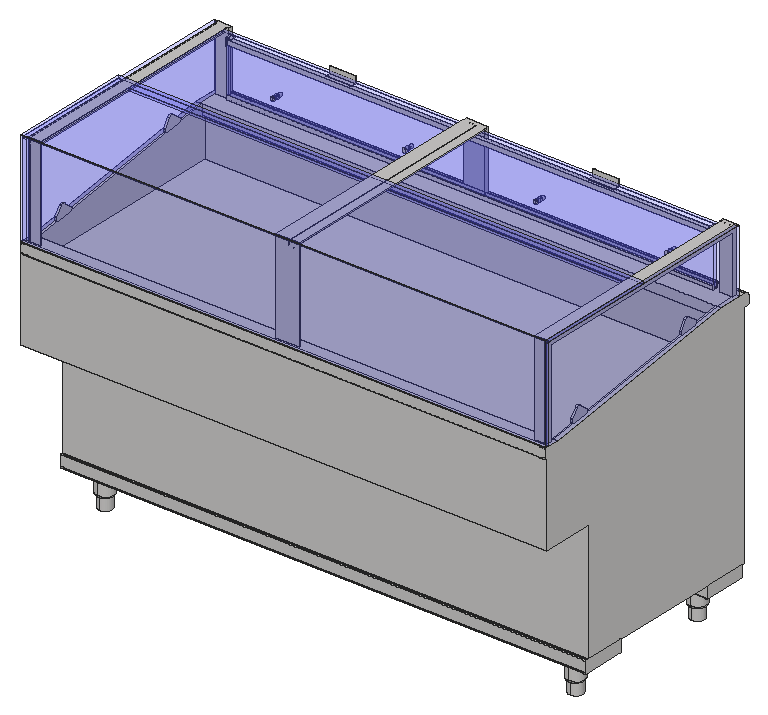
Revit family "Food-Service-Equipment_Oscartek_Rdpc1700_Standard_cat", category Specialty Equipment, Revit 2026
Family settings
  Round Connector Dimension = Use Diameter
  Part Type = Normal
  Classification Number = 23.40.40.11.17
  Work Plane-Based = No
  Enable Cutting in Views = No
  Always vertical = Yes
  Cut with Voids When Loaded = No
  Maintain Annotation Orientation = No
  Shared = No
  Room Calculation Point = No
Parameters
  Width = 67"  # constant formula
  Weight in Pounds = 346
  Watts = 885 W
  Waste Water Discharge Temperature [instance] = -459.67 °F
  Volts = 230 V
  URL Cutsheet = "www.oscartek.com"
  URL = "www.oscartek.com"
  Type Mark [instance] = ""
  Type Comments = "As Specified"
  Test Data = "http://www.oscartek.com/company/clients.php"
  Status [instance] = ""
  Specification by User [instance] = ""
  Specification by Manufacturer = ""
  Specification = "https://www.arcat.com/arcatcos/cos48/arc48760.html"
  Show Clearance [instance] = yes
  Serial Number = ""
  Seismic Rating = ""
  Sales Information = "http://www.oscartek.com/company/contact.php"
  SMACNA No = ""
  Revision Code [instance] = ""
  Revision = "R1_2018-10"
  Refrigerant Type [instance] = "R404A"
  Product Data = "http://www.oscartek.com/support/manuals/"
  Plumbing Remarks [instance] = ""
  Plumbing Connection Type [instance] = ""
  Phase = 1
  Omniclass Number and Title = ""
  Number of Poles [instance] = 1
  NAFEM Spec ID Number = ""
  Model = "RDPC1700"
  Min Ckt Ampacity = 0 A
  Max Overcurrent Protection = 0 A
  Masterspec = ""
  Manufacturer Website = "http://www.oscartek.com/index.php"
  Manufacturer Phone - Toll Free = "855-885-2400"
  Manufacturer Phone = "650-342-2400"
  Manufacturer Fax = "650-342-7400"
  Manufacturer Address = "361 Beach Rd., Burlingame, CA 94010"
  Manufacturer = "OSCARTEK"
  Item Number [instance] = ""
  Installed By [instance] = ""
  Installation-Fabrication = "http://www.oscartek.com/support/manuals/"
  Indirect Waste Size [instance] = 1"
  Indirect Waste Flow [instance] = 0 GPM
  Indirect Waste Connection Type [instance] = ""
  Indirect Waste Connection Height = 0"
  Identify Quantity as Lot [instance] = yes
  HP = ""
  Green Building-LEED = "https://www.arcat.com/green/green_building.shtml"
  Furnished By [instance] = ""
  Foodservice Equipment Identifier [instance] = yes
  FL Amps = 4.5 A
  Electrical Remarks [instance] = ""
  Electric Connection Type [instance] = ""
  Elec Conn RI Height [instance] = 0"
  Elec Conn Connection Height [instance] = 0"
  Drawn By = "Sumex Design, Inc. / Robert S. Weygant, CSI, CDT, SCIP"
  Description = "ROSA DELI/PASTRY/CHOCOLATE SHOWCASE"
  Depth [instance] = 32 1/4"  # constant formula
  Default Elevation = 0"
  Cycle = 50 Hz
  Copyright = "©Arcat Inc."
  Construction Details = "http://www.oscartek.com/support/manuals/"
  Conn Plug = ""
  Conn Conduit = yes
  Category = ""
  CSI MasterFormat = "11 41 13"
  CSI Master Format = "Refrigerated Food Storage Cases"
  Building Codes = "https://www.arcat.com/arcatcos/cos48/arc48760.html"
  Body Finish [instance] = QF_Finishes_Stainless Steel
  Apparent Power = if(Phase = 3, Volts * FL Amps * 1.73, Volts * FL Amps)  # 1035 VA
Reference planes (in)
  plane 1 "BACK": y = 7.29134
  plane 2: z = 0
  plane 3 "LEFT": x = 0
  plane 4 "RIGHT": x = 67
  plane 5 "FRONT": y = -24.95866
  plane 6 "TOP": z = 45.25
  plane 7 "Center Y": x = 33.5
  plane 8 "Center X": y = -8.83366
  plane 9 "Base Height": z = 6
  plane 10 "Right Off": x = 63.5
  plane 11: x = 0.5
  plane 12: x = 66.5
  plane 13 "Left Center": x = 16.75
  plane 14 "Right Center": x = 50.25
Forms (in)
  Revolve 1, solid, material "QF_Finishes_Stainless Steel"
    sketch origin (3.5, 0, 0) x (0, 1, 0) y (0, 0, 1)
      loop
        line (-15.81885, 0) -> (-14.95271, 0) -> (-14.95271, 1.57481) -> (-14.86603, 1.57481)
        arc (-14.86603, 1.57481) -> (-14.76029, 1.61861) -> (-14.71649, 1.72436) r 0.14954
        line (-14.71649, 1.72436) -> (-14.71649, 4.46851) -> (-15.81885, 4.46851) -> (-15.81885, 0)
      axis (-15.81885, 0) -> (-15.81885, 4.46851)
    angle from 0 to 360
  Revolve 2, solid, material "QF_Finishes_Stainless Steel"
    sketch origin (3.5, 19.37004, 0) x (0, 1, 0) y (0, 0, 1)
      loop
        line (-15.81885, 0) -> (-14.95271, 0) -> (-14.95271, 1.57481) -> (-14.86603, 1.57481)
        arc (-14.86603, 1.57481) -> (-14.76029, 1.61861) -> (-14.71649, 1.72436) r 0.14954
        line (-14.71649, 1.72436) -> (-14.71649, 4.46851) -> (-15.81885, 4.46851) -> (-15.81885, 0)
      axis (-15.81885, 0) -> (-15.81885, 4.46851)
    angle from 0 to 360
  Extrusion 3, solid, material "QF_Finishes_Stainless Steel" <- "Body Finish"
    sketch origin (0, 0, 0) x (0, 1, 0) y (0, 0, 1)
      loop
        line (-18.51225, 4.46851) -> (-13.12545, 4.46851)
        arc (-13.12545, 4.46851) -> (-13.08126, 4.48681) -> (-13.06295, 4.53101) r 0.0625
        line (-13.06295, 4.53101) -> (-13.06295, 5.9375)
        arc (-13.06295, 5.9375) -> (-13.08126, 5.98169) -> (-13.12545, 6) r 0.0625
        line (-13.12545, 6) -> (-18.51225, 6)
        arc (-18.51225, 6) -> (-18.55644, 5.98169) -> (-18.57475, 5.9375) r 0.0625
        line (-18.57475, 5.9375) -> (-18.57475, 4.53101)
        arc (-18.57475, 4.53101) -> (-18.55644, 4.48681) -> (-18.51225, 4.46851) r 0.0625
      loop
        line (0.85779, 4.46851) -> (6.24459, 4.46851)
        arc (6.24459, 4.46851) -> (6.28878, 4.48681) -> (6.30709, 4.53101) r 0.0625
        line (6.30709, 4.53101) -> (6.30709, 5.9375)
        arc (6.30709, 5.9375) -> (6.28878, 5.98169) -> (6.24459, 6) r 0.0625
        line (6.24459, 6) -> (0.85779, 6)
        arc (0.85779, 6) -> (0.8136, 5.98169) -> (0.79529, 5.9375) r 0.0625
        line (0.79529, 5.9375) -> (0.79529, 4.53101)
        arc (0.79529, 4.53101) -> (0.8136, 4.48681) -> (0.85779, 4.46851) r 0.0625
    from 0 to 67
  Revolve 4, solid, material "QF_Finishes_Stainless Steel"
    sketch origin (63.5, 0, 0) x (0, 0, -1) y (0, -1, 0)
      loop
        line (0, 15.81885) -> (-4.46851, 15.81885) -> (-4.46851, 14.71649) -> (-1.72436, 14.71649)
        arc (-1.72436, 14.71649) -> (-1.61861, 14.76029) -> (-1.57481, 14.86603) r 0.14954
        line (-1.57481, 14.86603) -> (-1.57481, 14.95271) -> (0, 14.95271) -> (0, 15.81885)
      axis (0, 15.81885) -> (-4.46851, 15.81885)
    angle from 0 to 360
  Revolve 5, solid, material "QF_Finishes_Stainless Steel"
    sketch origin (63.5, 0, 0) x (0, 0, -1) y (0, -1, 0)
      loop
        line (0, -3.55119) -> (-4.46851, -3.55119) -> (-4.46851, -4.65355) -> (-1.72436, -4.65355)
        arc (-1.72436, -4.65355) -> (-1.61861, -4.60975) -> (-1.57481, -4.50401) r 0.14954
        line (-1.57481, -4.50401) -> (-1.57481, -4.41733) -> (0, -4.41733) -> (0, -3.55119)
      axis (0, -3.55119) -> (-4.46851, -3.55119)
    angle from 0 to 360
  Extrusion 6, solid, material "QF_Finishes_Stainless Steel" <- "Body Finish"
    sketch origin (0, 0, 0) x (0, 1, 0) y (0, 0, 1)
      loop
        line (6.90709, 36.74797) -> (3.04134, 36.74797) -> (3.04134, 35.49797) -> (3.54134, 35.49797) -> (3.54134, 30.25) -> (-23.20866, 30.25) -> (-23.20866, 31.75) -> (-22.95866, 31.75) -> (-22.95866, 33) -> (-24.90866, 33)
        arc (-24.90866, 33) -> (-24.94401, 32.98536) -> (-24.95866, 32.95) r 0.05
        line (-24.95866, 32.95) -> (-24.95866, 31.80078)
        arc (-24.95866, 31.80078) -> (-24.94379, 31.76487) -> (-24.90788, 31.75) r 0.05078
        line (-24.90788, 31.75) -> (-24.84055, 31.75) -> (-24.84055, 21.25) -> (-18.18105, 21.25) -> (-18.18105, 6) -> (6.50394, 6) -> (6.50394, 21.25) -> (6.58268, 21.25) -> (6.58268, 35.24797) -> (7.24056, 35.24797)
        arc (7.24056, 35.24797) -> (7.27647, 35.26284) -> (7.29134, 35.29875) r 0.05078
        line (7.29134, 35.29875) -> (7.29134, 36.32422)
        arc (7.29134, 36.32422) -> (7.18097, 36.61023) -> (6.90709, 36.74797) r 0.42578
    from 0.5 to 66.5
  Extrusion 7, solid, material "Glass"
    sketch origin (0, 0, 0) x (0, 1, 0) y (0, 0, 1)
      loop
        line (5.84459, 44.8563) -> (-24.36893, 44.8563)
        arc (-24.36893, 44.8563) -> (-24.48028, 44.81018) -> (-24.52641, 44.69882) r 0.15748
        line (-24.52641, 44.69882) -> (-24.52641, 33) -> (-22.95866, 33) -> (3.04134, 36.74797) -> (6.00207, 36.74797) -> (6.00207, 44.69882)
        arc (6.00207, 44.69882) -> (5.95595, 44.81018) -> (5.84459, 44.8563) r 0.15748
    from 0 to 0.5
  Extrusion 8, solid, material "Glass"
    sketch origin (67, 0, 0) x (0, 1, 0) y (0, 0, 1)
      loop
        line (5.84459, 44.8563) -> (-24.36893, 44.8563)
        arc (-24.36893, 44.8563) -> (-24.48028, 44.81018) -> (-24.52641, 44.69882) r 0.15748
        line (-24.52641, 44.69882) -> (-24.52641, 33) -> (-22.95866, 33) -> (3.04134, 36.74797) -> (6.00207, 36.74797) -> (6.00207, 44.69882)
        arc (6.00207, 44.69882) -> (5.95595, 44.81018) -> (5.84459, 44.8563) r 0.15748
    from -0.5 to 0
  Extrusion 9, solid, material "Glass"
    sketch origin (0, 0, 0) x (0, 1, 0) y (0, 0, 1)
      loop
        line (-9.33366, 45.25) -> (-24.92011, 45.25) -> (-24.92011, 32.99797) -> (-24.52641, 32.99797) -> (-24.52641, 44.8563) -> (-9.33366, 44.8563) -> (-9.33366, 45.25)
    from 0 to 67
  Extrusion 10, solid, material "Glass"
    sketch origin (39.25, 0, 0.0625) x (0, 1, 0) y (0, 0, -1)
      loop
        line (5.50207, -44.53142) -> (5.50207, -44.19263) -> (-9.95866, -44.19263) -> (-9.95866, -44.53142) -> (5.50207, -44.53142)
    from -27.08473 to 38.58473
  Extrusion 11, solid, material "QF_Finishes_Stainless Steel" <- "Body Finish"
    sketch origin (67, 0, 0) x (0, 1, 0) y (0, 0, 1)
      loop
        line (6.90709, 36.74797) -> (3.04134, 36.74797) -> (-22.95866, 33) -> (-24.90866, 33)
        arc (-24.90866, 33) -> (-24.94401, 32.98536) -> (-24.95866, 32.95) r 0.05
        line (-24.95866, 32.95) -> (-24.95866, 31.80078)
        arc (-24.95866, 31.80078) -> (-24.94379, 31.76487) -> (-24.90788, 31.75) r 0.05078
        line (-24.90788, 31.75) -> (-24.84055, 31.75) -> (-24.84055, 21.25) -> (-18.18105, 21.25) -> (-18.18105, 6) -> (6.50394, 6) -> (6.50394, 21.25) -> (6.58268, 21.25) -> (6.58268, 35.24797) -> (7.24056, 35.24797)
        arc (7.24056, 35.24797) -> (7.27647, 35.26284) -> (7.29134, 35.29875) r 0.05078
        line (7.29134, 35.29875) -> (7.29134, 36.32422)
        arc (7.29134, 36.32422) -> (7.18097, 36.61023) -> (6.90709, 36.74797) r 0.42578
    from 0 to -0.75
  Extrusion 12, solid, material "QF_Finishes_Stainless Steel"
    sketch origin (0, 0, 0) x (1, 0, 0) y (0, 1, 0)
      loop
        line (0.5, 6.00207) -> (0.5, 5.50207) -> (2.25, 5.50207) -> (2.25, 6.00207) -> (0.5, 6.00207)
      loop
        line (66.5, 6.00207) -> (64.75, 6.00207) -> (64.75, 5.50207) -> (66.5, 5.50207) -> (66.5, 6.00207)
      loop
        line (32.125, 6.00207) -> (32.125, 5.50207) -> (34.875, 5.50207) -> (34.875, 6.00207) -> (32.125, 6.00207)
    from 36.74797 to 44.8563
  Extrusion 13, solid, material "Glass"
    sketch origin (0, -0.10938, 0) x (1, 0, 0) y (0, 1, 0)
      loop
        line (2.5, 5.50207) -> (2.5, 5.00207) -> (64.5, 5.00207) -> (64.5, 5.50207) -> (2.5, 5.50207)
    from 37.21272 to 43.81693
  Extrusion 14, solid, material "QF_Finishes_Stainless Steel"
    sketch origin (0, 0, 0) x (0, 1, 0) y (0, 0, 1)
      loop
        line (4.8927, 43.81693) -> (5.3927, 43.81693) -> (5.3927, 43.31693) -> (5.4552, 43.31693) -> (5.4552, 43.87943) -> (4.8302, 43.87943) -> (4.8302, 43.31693) -> (4.8927, 43.31693) -> (4.8927, 43.81693)
      loop
        line (4.8927, 37.16315) -> (4.8927, 37.66315) -> (4.8302, 37.66315) -> (4.8302, 37.10065) -> (5.4552, 37.10065) -> (5.4552, 37.66315) -> (5.3927, 37.66315) -> (5.3927, 37.16315) -> (4.8927, 37.16315)
    from 2.5 to 64.5
  Extrusion 15, solid, material "QF_Finishes_Stainless Steel"
    sketch origin (0, -24.95866, 0) x (1, 0, 0) y (0, 0, 1)
      loop
        line (65.4375, 44.1063) -> (66.5, 44.1063) -> (66.5, 44.8563) -> (65, 44.8563) -> (65, 44.7938) -> (66.4375, 44.7938) -> (66.4375, 44.1688) -> (65.4375, 44.1688) -> (65.4375, 44.1063)
      loop
        line (1.5625, 44.1063) -> (1.5625, 44.1688) -> (0.5625, 44.1688) -> (0.5625, 44.7938) -> (2, 44.7938) -> (2, 44.8563) -> (0.5, 44.8563) -> (0.5, 44.1063) -> (1.5625, 44.1063)
      loop
        line (32.75, 44.1063) -> (34.25, 44.1063) -> (34.25, 44.1688) -> (33.57031, 44.1688) -> (33.57031, 44.7313) -> (33.75, 44.7313) -> (33.75, 44.7938) -> (35.00781, 44.7938) -> (35.00781, 44.8563) -> (31.99219, 44.8563) -> (31.99219, 44.7938) -> (33.25, 44.7938) -> (33.25, 44.7313) -> (33.42969, 44.7313) -> (33.42969, 44.1688) -> (32.75, 44.1688) -> (32.75, 44.1063)
    from -30.46073 to -0.78937
  Extrusion 16, solid, material "QF_Finishes_Stainless Steel"
    sketch origin (0, -24.95866, 0) x (1, 0, 0) y (0, 0, 1)
      loop
        line (63.92786, 44.13772) -> (63.92786, 44.07522) -> (64.51042, 44.07522) -> (64.51042, 43.2537) -> (64.57292, 43.2537) -> (64.57292, 44.13772) -> (63.92786, 44.13772)
      loop
        line (3.07214, 44.13772) -> (2.42708, 44.13772) -> (2.42708, 43.2537) -> (2.48958, 43.2537) -> (2.48958, 44.07522) -> (3.07214, 44.07522) -> (3.07214, 44.13772)
    from -30.41386 to -29.78886
  Extrusion 17, solid, material "QF_Finishes_Door Clearance", visible <- "Show Clearance", detail levels coarse
    sketch origin (0, 0, 0) x (0, 1, 0) y (0, 0, 1)
      loop
        line (4.8927, 43.81693) -> (-1.82359, 43.81693)
        arc (-1.82359, 43.81693) -> (0.14357, 39.0678) -> (4.8927, 37.10065) r 6.71628
        line (4.8927, 37.10065) -> (4.8927, 43.81693)
    from 2.5 to 64.5
  Extrusion 18, solid, material "QF_Finishes_Stainless Steel"
    sketch origin (0, 0, 0) x (1, 0, 0) y (0, 1, 0)
      loop
        line (0.5, -24.20866) -> (2, -24.20866) -> (2, -24.16929) -> (0.5625, -24.16929) -> (0.5625, -23.62362) -> (0.5, -23.62362) -> (0.5, -24.20866)
      loop
        line (66.5, -24.20866) -> (66.5, -23.62362) -> (66.4375, -23.62362) -> (66.4375, -24.16929) -> (65, -24.16929) -> (65, -24.20866) -> (66.5, -24.20866)
      loop
        line (31.99219, -24.20866) -> (35.00781, -24.20866) -> (35.00781, -24.16929) -> (31.99219, -24.16929) -> (31.99219, -24.20866)
    from 33 to 44.8563
  Extrusion 19, solid, material "QF_Finishes_Stainless Steel"
    sketch origin (16.75, 0, 0) x (0, 1, 0) y (0, 0, 1)
      loop
        line (4.83, 44.23056) -> (4.83, 44.19038) -> (5.55097, 44.19038) -> (5.55097, 45.05251) -> (5.48847, 45.05251) -> (5.48847, 44.23056) -> (4.83, 44.23056)
    from -1.625 to 1.625
  Revolve 20, solid, material "QF_Finishes_Stainless Steel"
    sketch origin (25.125, 0, 0.75) x (0, 1, 0) y (0, 0, 1)
      loop
        line (4.82255, 38.49797) -> (4.82255, 38.24797) -> (4.8927, 38.24797) -> (4.8927, 38.49797) -> (4.82255, 38.49797)
      loop
        line (5.3927, 38.49797) -> (5.3927, 38.24797) -> (5.46285, 38.24797) -> (5.46285, 38.34575) -> (5.74111, 38.44703)
        arc (5.74111, 38.44703) -> (5.95993, 38.29989) -> (6.13398, 38.49797) r 0.19974
        line (6.13398, 38.49797) -> (5.3927, 38.49797)
      axis (4.82255, 38.49797) -> (6.13398, 38.49797)
    angle from 0 to 360
  Revolve 21, solid, material "QF_Finishes_Stainless Steel"
    sketch origin (41.875, 0, 0.75) x (0, 1, 0) y (0, 0, -1)
      loop
        line (4.82255, -38.49797) -> (4.8927, -38.49797) -> (4.8927, -38.24797) -> (4.82255, -38.24797) -> (4.82255, -38.49797)
      loop
        line (5.3927, -38.49797) -> (6.13398, -38.49797)
        arc (6.13398, -38.49797) -> (5.95993, -38.29989) -> (5.74111, -38.44703) r 0.19974
        line (5.74111, -38.44703) -> (5.46285, -38.34575) -> (5.46285, -38.24797) -> (5.3927, -38.24797) -> (5.3927, -38.49797)
      axis (4.82255, -38.49797) -> (6.13398, -38.49797)
    angle from 0 to 360
  Extrusion 22, solid, material "QF_Finishes_Stainless Steel"
    sketch origin (0, 0, 0) x (0, 1, 0) y (0, 0, 1)
      loop
        line (-19.73734, 33.46436) -> (-18.02583, 33.71108)
        arc (-18.02583, 33.71108) -> (-17.79557, 33.87166) -> (-17.7871, 34.15225) r 0.3125
        line (-17.7871, 34.15225) -> (-18.75756, 34.98985)
        arc (-18.75756, 34.98985) -> (-19.04365, 35.07894) -> (-19.30393, 34.93046) r 0.37574
        line (-19.30393, 34.93046) -> (-20.05317, 33.92884)
        arc (-20.05317, 33.92884) -> (-20.04034, 33.59795) -> (-19.73734, 33.46436) r 0.31249
      loop
        arc (-0.67039, 36.21291) -> (-0.41746, 36.42664) -> (-0.49861, 36.74768) r 0.31249
        line (-0.49861, 36.74768) -> (-1.50023, 37.49691)
        arc (-1.50023, 37.49691) -> (-1.79185, 37.56583) -> (-2.04114, 37.39956) r 0.37574
        line (-2.04114, 37.39956) -> (-2.73552, 36.32198)
        arc (-2.73552, 36.32198) -> (-2.64814, 36.0552) -> (-2.38191, 35.96619) r 0.3125
        line (-2.38191, 35.96619) -> (-0.67039, 36.21291)
    from 0.5 to 0.76122
  Extrusion 23, solid, material "QF_Finishes_Stainless Steel"
    sketch origin (67, 0, 0) x (0, 1, 0) y (0, 0, 1)
      loop
        line (-19.73734, 33.46436) -> (-18.02583, 33.71108)
        arc (-18.02583, 33.71108) -> (-17.79557, 33.87166) -> (-17.7871, 34.15225) r 0.3125
        line (-17.7871, 34.15225) -> (-18.75756, 34.98985)
        arc (-18.75756, 34.98985) -> (-19.04365, 35.07894) -> (-19.30393, 34.93046) r 0.37574
        line (-19.30393, 34.93046) -> (-20.05317, 33.92884)
        arc (-20.05317, 33.92884) -> (-20.04034, 33.59795) -> (-19.73734, 33.46436) r 0.31249
      loop
        arc (-0.67039, 36.21291) -> (-0.41746, 36.42664) -> (-0.49861, 36.74768) r 0.31249
        line (-0.49861, 36.74768) -> (-1.50023, 37.49691)
        arc (-1.50023, 37.49691) -> (-1.79185, 37.56583) -> (-2.04114, 37.39956) r 0.37574
        line (-2.04114, 37.39956) -> (-2.73552, 36.32198)
        arc (-2.73552, 36.32198) -> (-2.64814, 36.0552) -> (-2.38191, 35.96619) r 0.3125
        line (-2.38191, 35.96619) -> (-0.67039, 36.21291)
    from -0.5 to -0.75
  Extrusion 24, solid, material "QF_Finishes_Stainless Steel" <- "Body Finish"
    sketch origin (0, 0, 0) x (0, 1, 0) y (0, 0, -1)
      loop
        arc (6.90709, -36.74797) -> (7.18097, -36.61023) -> (7.29134, -36.32422) r 0.42578
        line (7.29134, -36.32422) -> (7.29134, -35.29875)
        arc (7.29134, -35.29875) -> (7.27647, -35.26284) -> (7.24056, -35.24797) r 0.05078
        line (7.24056, -35.24797) -> (6.58268, -35.24797) -> (6.58268, -21.25) -> (6.50394, -21.25) -> (6.50394, -6) -> (-18.18105, -6) -> (-18.18105, -21.25) -> (-24.84055, -21.25) -> (-24.84055, -31.75) -> (-24.90788, -31.75)
        arc (-24.90788, -31.75) -> (-24.94379, -31.76487) -> (-24.95866, -31.80078) r 0.05078
        line (-24.95866, -31.80078) -> (-24.95866, -32.95)
        arc (-24.95866, -32.95) -> (-24.94401, -32.98536) -> (-24.90866, -33) r 0.05
        line (-24.90866, -33) -> (-22.95866, -33) -> (3.04134, -36.74797) -> (6.90709, -36.74797)
    from 0 to -0.76122
  Extrusion 25, solid, material "QF_Finishes_Stainless Steel"
    sketch origin (16.25, 0, 0) x (1, 0, 0) y (0, 1, 0)
      loop
        circle (24.65027, -8.83366) r 0.25
    from 5.39549 to 6
  Extrusion 26, solid, material "QF_Finishes_Stainless Steel"
    sketch origin (1.18012, 6.22884, 1.7805) x (0, 0, 1) y (1, 0, 0)
      loop
        line (18.79407, 59.85524) -> (17.29407, 59.85524) -> (17.29407, 53.35524) -> (18.79407, 53.35524) -> (18.79407, 59.85524)
    from 0.2751 to 1
  Extrusion 27, solid, material "QF_Finishes_Black"
    sketch origin (1.18012, 6.50394, 6.1555) x (0, 0, 1) y (1, 0, 0)
      loop
        line (11.19901, 62.31988) -> (0.44901, 62.31988) -> (0.44901, 60.31988) -> (11.19901, 60.31988) -> (11.19901, 62.31988)
      loop
        line (11.19901, 59.81988) -> (0.44901, 59.81988) -> (0.44901, 57.81988) -> (11.19901, 57.81988) -> (11.19901, 59.81988)
      loop
        line (11.19901, 57.31988) -> (0.44901, 57.31988) -> (0.44901, 55.31988) -> (11.19901, 55.31988) -> (11.19901, 57.31988)
      loop
        line (0.44901, 54.81988) -> (0.44901, 52.81988) -> (9.19901, 52.81988) -> (11.19901, 54.81988) -> (0.44901, 54.81988)
      loop
        line (0.44901, 52.31988) -> (0.44901, 50.31988) -> (6.69901, 50.31988) -> (8.69901, 52.31988) -> (0.44901, 52.31988)
    from 0 to 0.0625
  Extrusion 28, void
    sketch origin (1.5, 0, 0) x (0, -1, 0) y (0, 0, -1)
      loop
        line (-6.54134, -34.74797) -> (-6.54134, -21.25) -> (-15.58268, -21.25) -> (-15.58268, -34.74797) -> (-6.54134, -34.74797)
    from -0.73878 to 64.75
  Extrusion 29, solid, material "QF_Finishes_Stainless Steel", not visible
    sketch origin (1.5, 0, 0) x (0, -1, 0) y (0, 0, -1)
      loop
        line (2.45866, -35.24797) -> (2.45866, -21.25) -> (-6.58268, -21.25) -> (-6.58268, -22) -> (1.70866, -22) -> (1.70866, -27.5) -> (-6.58268, -28.5) -> (-6.58268, -29.25544) -> (1.70866, -28.25544) -> (1.70866, -34.74797) -> (-6.58268, -34.74797) -> (-6.58268, -35.24797) -> (2.45866, -35.24797)
    from -0.73878 to 64.75
  Extrusion 30, solid, material "QF_Finishes_Stainless Steel"
    sketch origin (50.25, 0, 0) x (0, 1, 0) y (0, 0, -1)
      loop
        line (4.83, -44.23056) -> (5.48847, -44.23056) -> (5.48847, -45.05251) -> (5.55097, -45.05251) -> (5.55097, -44.19038) -> (4.83, -44.19038) -> (4.83, -44.23056)
    from -1.625 to 1.625
  Revolve 31, solid, material "QF_Finishes_Stainless Steel"
    sketch origin (8.375, 0, 0.75) x (0, 1, 0) y (0, 0, -1)
      loop
        line (4.82255, -38.49797) -> (4.8927, -38.49797) -> (4.8927, -38.24797) -> (4.82255, -38.24797) -> (4.82255, -38.49797)
      loop
        line (5.3927, -38.49797) -> (6.13398, -38.49797)
        arc (6.13398, -38.49797) -> (5.95993, -38.29989) -> (5.74111, -38.44703) r 0.19974
        line (5.74111, -38.44703) -> (5.46285, -38.34575) -> (5.46285, -38.24797) -> (5.3927, -38.24797) -> (5.3927, -38.49797)
      axis (4.82255, -38.49797) -> (6.13398, -38.49797)
    angle from 0 to 360
  Revolve 32, solid, material "QF_Finishes_Stainless Steel"
    sketch origin (58.625, 0, 0.75) x (0, 1, 0) y (0, 0, 1)
      loop
        line (4.82255, 38.49797) -> (4.82255, 38.24797) -> (4.8927, 38.24797) -> (4.8927, 38.49797) -> (4.82255, 38.49797)
      loop
        line (5.3927, 38.49797) -> (5.3927, 38.24797) -> (5.46285, 38.24797) -> (5.46285, 38.34575) -> (5.74111, 38.44703)
        arc (5.74111, 38.44703) -> (5.95993, 38.29989) -> (6.13398, 38.49797) r 0.19974
        line (6.13398, 38.49797) -> (5.3927, 38.49797)
      axis (4.82255, 38.49797) -> (6.13398, 38.49797)
    angle from 0 to 360
  Extrusion 33, solid, material "QF_Finishes_Stainless Steel"
    sketch origin (0, 0, 0) x (1, 0, 0) y (0, 1, 0)
      loop
        circle (61.875, -2.70866) r 0.5
      loop
        circle (3.25, -2.70866) r 0.5
    from 21.25 to 22
  Extrusion 34, solid, material "QF_Finishes_Door Clearance", visible <- "Show Clearance", detail levels coarse
    sketch origin (0, 0, 0) x (0, 1, 0) y (0, 0, 1)
      loop
        line (-24.92011, 45.25) -> (-9.33366, 45.25) -> (-9.33366, 60.83645)
        arc (-9.33366, 60.83645) -> (-20.35494, 56.27128) -> (-24.92011, 45.25) r 15.58645
    from 0 to 67
Cuts and joins
  joined: Extrusion 12, Extrusion 15, Extrusion 18
  Extrusion 28 cuts Extrusion 6
  joined: Extrusion 6, Extrusion 11, Extrusion 24
Lines and regions (in)
  Split face 1
    outline origin (1.18012, 7.22884, 1.7805) x (0, 0, 1) y (1, 0, 0)
      loop
        line (18.5658, 59.55584) -> (17.5658, 59.55584) -> (17.5658, 53.80584) -> (18.5658, 53.80584) -> (18.5658, 59.55584)
  symbolic lines
    curve 1: line (0, -24.95866, 0) -> (0, 7.29134, 0)
    curve 2: line (67, -24.95866, 0) -> (0, -24.95866, 0)
    curve 3: line (0.5, -24.52641, 0) -> (0.5, 6.55709, 0)
    curve 4: line (66.5, 6.00207, 0) -> (64.75, 6.00207, 0)
    curve 5: line (67, 5.50207, 0) -> (0, 5.50207, 0)
    curve 6: line (1.64264, -22.95866, 0) -> (1.64264, 5.50207, 0)
    curve 7: line (2.25, 5.50207, 0) -> (2.25, 6.00207, 0)
    curve 8: line (0.66527, 5.50207, 0) -> (0.66527, -9.95866, 0)
    curve 9: line (67, -9.20866, 0) -> (0, -9.20866, 0)
    curve 10: line (0.5, -24.20866, 0) -> (1.5625, -24.20866, 0)
    curve 11: line (1.5625, -24.20866, 0) -> (1.5625, 6.00207, 0)
    curve 12: line (67, 6.55709, 0) -> (66.5, 6.55709, 0)
    curve 13: line (0, -24.92011, 0) -> (67, -24.90788, 0)
    curve 14: line (67, -24.52641, 0) -> (0, -24.52641, 0)
    curve 15: line (67, -24.95866, 0) -> (67, 7.29134, 0)
    curve 16: line (66.5, -24.52641, 0) -> (66.5, 6.55709, 0)
    curve 17: line (65.35736, -22.95866, 0) -> (65.35736, 5.50207, 0)
    curve 18: line (64.75, 5.50207, 0) -> (64.75, 6.00207, 0)
    curve 19: line (66.33473, 5.50207, 0) -> (66.33473, -9.95866, 0)
    curve 20: line (66.5, -24.20866, 0) -> (65.4375, -24.20866, 0)
    curve 21: line (65.4375, -24.20866, 0) -> (65.4375, 6.00207, 0)
    curve 22: line (2.25, 6.00207, 0) -> (0.5, 6.00207, 0)
    curve 23: line (0.5, 6.55709, 0) -> (0, 6.55709, 0)
    curve 24: line (67, 7.29134, 0) -> (0, 7.29134, 0)
    curve 25: line (66.33473, -9.95866, 0) -> (0.66527, -9.95866, 0)
    curve 26: line (0, -22.95866, 0) -> (67, -22.95866, 0)
    curve 27: line (48.625, 5.55097, 0) -> (51.875, 5.55097, 0)
    curve 28: line (51.875, 5.55097, 0) -> (51.875, 4.89472, 0)
    curve 29: line (51.625, 4.64472, 0) -> (48.875, 4.64472, 0)
    curve 30: line (48.625, 4.89472, 0) -> (48.625, 5.55097, 0)
    curve 31: arc (48.875, 4.64472, 0) -> (48.69822, 4.71795, 0) -> (48.625, 4.89472, 0) r 0.25
    curve 32: arc (51.875, 4.89472, 0) -> (51.80178, 4.71795, 0) -> (51.625, 4.64472, 0) r 0.25
    curve 42: line (35.00781, -24.20866, 0) -> (35.00781, 5.50207, 0)
    curve 43: line (31.99219, 5.50207, 0) -> (31.99219, -24.20866, 0)
    curve 44: line (31.99219, -24.20866, 0) -> (35.00781, -24.20866, 0)
    curve 60: line (15.125, 5.55097, 0) -> (18.375, 5.55097, 0)
    curve 61: line (18.375, 5.55097, 0) -> (18.375, 4.89472, 0)
    curve 62: line (18.125, 4.64472, 0) -> (15.375, 4.64472, 0)
    curve 63: line (15.125, 4.89472, 0) -> (15.125, 5.55097, 0)
    curve 64: arc (15.375, 4.64472, 0) -> (15.19822, 4.71795, 0) -> (15.125, 4.89472, 0) r 0.25
    curve 65: arc (18.375, 4.89472, 0) -> (18.30178, 4.71795, 0) -> (18.125, 4.64472, 0) r 0.25
  symbolic lines, style "QF-Surface Details"
    curve 33: line (7.92189, -17.61771, 0) -> (11.10387, -14.43573, 0)
    curve 34: line (7.59142, -19.05839, 0) -> (12.54117, -14.10865, 0)
    curve 35: line (9.1841, -18.87993, 0) -> (12.54286, -15.52117, 0)
    curve 36: line (57.29475, -17.61771, 0) -> (60.47673, -14.43573, 0)
    curve 37: line (56.96428, -19.05839, 0) -> (61.91403, -14.10865, 0)
    curve 38: line (58.55696, -18.87993, 0) -> (61.91572, -15.52117, 0)
    curve 39: line (25.60559, -17.61771, 0) -> (28.78757, -14.43573, 0)
    curve 40: line (25.27513, -19.05839, 0) -> (30.22487, -14.10865, 0)
    curve 41: line (26.86781, -18.87993, 0) -> (30.22656, -15.52117, 0)
    curve 45: line (36.85559, -17.61771, 0) -> (40.03757, -14.43573, 0)
    curve 46: line (36.52513, -19.05839, 0) -> (41.47487, -14.10865, 0)
    curve 47: line (38.11781, -18.87993, 0) -> (41.47656, -15.52117, 0)
    curve 48: line (7.92189, -3.67124, 0) -> (11.10387, -0.48926, 0)
    curve 49: line (7.59142, -5.11192, 0) -> (12.54117, -0.16217, 0)
    curve 50: line (9.1841, -4.93345, 0) -> (12.54286, -1.5747, 0)
    curve 51: line (57.29475, -3.67124, 0) -> (60.47673, -0.48926, 0)
    curve 52: line (56.96428, -5.11192, 0) -> (61.91403, -0.16217, 0)
    curve 53: line (58.55696, -4.93345, 0) -> (61.91572, -1.5747, 0)
    curve 54: line (25.60559, -3.67124, 0) -> (28.78757, -0.48926, 0)
    curve 55: line (25.27513, -5.11192, 0) -> (30.22487, -0.16217, 0)
    curve 56: line (26.86781, -4.93345, 0) -> (30.22656, -1.5747, 0)
    curve 57: line (36.85559, -3.67124, 0) -> (40.03757, -0.48926, 0)
    curve 58: line (36.52513, -5.11192, 0) -> (41.47487, -0.16217, 0)
    curve 59: line (38.11781, -4.93345, 0) -> (41.47656, -1.5747, 0)
  symbolic lines, not visible
    curve 66: line (15.125, 5.55097, 0) -> (18.375, 5.55097, 0)
    curve 67: line (18.375, 5.55097, 0) -> (18.375, 4.89472, 0)
    curve 68: line (18.125, 4.64472, 0) -> (15.375, 4.64472, 0)
    curve 69: line (15.125, 4.89472, 0) -> (15.125, 5.55097, 0)
    curve 70: arc (15.375, 4.64472, 0) -> (15.19822, 4.71795, 0) -> (15.125, 4.89472, 0) r 0.25
    curve 71: arc (18.375, 4.89472, 0) -> (18.30178, 4.71795, 0) -> (18.125, 4.64472, 0) r 0.25
Dimensions and locks (in)
  equal spacing: plane 3 "LEFT", plane 7 "Center Y", plane 4 "RIGHT"
  "Width": plane 3 "LEFT" to plane 4 "RIGHT"
  equal spacing: plane 5 "FRONT", plane 8 "Center X", plane 1 "BACK"
  "Depth": plane 5 "FRONT" to plane 1 "BACK"
  plane 6 "TOP" to level = 45 1/4"
  plane 9 "Base Height" to level = 6"
  locked: plane 10 "Right Off" to plane 4 "RIGHT" at 3.5
  locked: plane 12 to plane 4 "RIGHT" at 0.5
  locked: plane 3 "LEFT" to plane 11 at 0.5
  locked: plane 3 "LEFT" to Extrusion 13 sketch curve at 2.5
  locked: Extrusion 13 sketch curve to plane 4 "RIGHT" at 2.5
  locked: plane 4 "RIGHT" to Extrusion 10 at 0.66527
  Extrusion 27 sketch curve to Extrusion 27 sketch curve to Extrusion 27 sketch curve to Extrusion 27 sketch curve to Extrusion 27 sketch curve to Extrusion 27 sketch curve to Extrusion 27 sketch curve to Extrusion 27 sketch curve to Extrusion 27 sketch curve to Extrusion 27 sketch curve = 2" locked, 1/2" locked, 2" locked, 1/2" locked, 2" locked, 1/2" locked, 2" locked, 1/2" locked, 2" locked
  locked: Extrusion 26 sketch curve to Extrusion 26 sketch curve at 6.5
  plane 5 "FRONT" to Extrusion 10 sketch curve to Extrusion 10 sketch curve = 15" locked, 15.46073" locked
  plane 5 "FRONT" to Extrusion 17 sketch curve to Extrusion 17 sketch curve = 23.13507" locked, 6.71628" locked
  plane 5 "FRONT" to Extrusion 13 sketch curve to Extrusion 13 sketch curve = 29.85136" locked, 1/2" locked
  plane 5 "FRONT" to Extrusion 14 sketch curve to Extrusion 14 sketch curve to Extrusion 14 sketch curve to Extrusion 14 sketch curve = 29.78886" locked, 1/16" locked, 1/2" locked, 1/16" locked
  plane 5 "FRONT" to Extrusion 23 sketch curve to Extrusion 23 sketch curve to Extrusion 23 sketch curve to Extrusion 23 sketch curve to Extrusion 23 sketch curve to Extrusion 23 sketch curve = 5.17674" locked, 0.77887" locked, 0.93264" locked, 15.64392" locked, 0.7012" locked, 1.01031" locked
  plane 5 "FRONT" to Extrusion 11 sketch curve to Extrusion 11 sketch curve = 2" locked, 26" locked
  plane 5 "FRONT" to Extrusion 24 sketch curve to Extrusion 24 sketch curve = 2" locked, 26" locked
  plane 5 "FRONT" to Extrusion 22 sketch curve to Extrusion 22 sketch curve to Extrusion 22 sketch curve to Extrusion 22 sketch curve to Extrusion 22 sketch curve to Extrusion 22 sketch curve = 5.17674" locked, 0.77887" locked, 0.93264" locked, 15.64392" locked, 0.7012" locked, 1.01031" locked
  plane 5 "FRONT" to Extrusion 8 sketch curve to Extrusion 8 sketch curve to Extrusion 8 sketch curve to Extrusion 8 sketch curve = 0.43225" locked, 1.56775" locked, 26" locked, 2.96073" locked
  plane 5 "FRONT" to Extrusion 7 sketch curve to Extrusion 7 sketch curve to Extrusion 7 sketch curve to Extrusion 7 sketch curve = 0.43225" locked, 1.56775" locked, 26" locked, 2.96073" locked
  plane 5 "FRONT" to Extrusion 6 sketch curve to Extrusion 6 sketch curve = 28" locked, 1/2" locked
  plane 5 "FRONT" to Extrusion 19 sketch curve to Extrusion 19 sketch curve to Extrusion 19 sketch curve = 29.78866" locked, 0.65847" locked, 1/16" locked
  plane 5 "FRONT" to Revolve 21 sketch curve to Revolve 21 sketch curve to Revolve 21 sketch curve to Revolve 21 sketch curve to Revolve 21 sketch curve to Revolve 21 sketch curve = 29.78121" locked, 0.07015" locked, 1/2" locked, 0.07015" locked, 0.27826" locked, 0.19313" locked
  plane 5 "FRONT" to Extrusion 12 sketch curve to Extrusion 12 sketch curve = 30.46073" locked, 1/2" locked
  plane 5 "FRONT" to Revolve 20 sketch curve to Revolve 20 sketch curve to Revolve 20 sketch curve to Revolve 20 sketch curve to Revolve 20 sketch curve to Revolve 20 sketch curve = 29.78121" locked, 0.07015" locked, 1/2" locked, 0.07015" locked, 0.27826" locked, 0.19313" locked
  locked: Extrusion 11 sketch curve to plane 1 "BACK" at 25.47239
  locked: Extrusion 6 sketch curve to plane 1 "BACK" at 25.47239
  locked: Extrusion 24 sketch curve to plane 1 "BACK" at 25.47239
  Extrusion 3 sketch curve to Extrusion 3 sketch curve to Extrusion 3 sketch curve to Extrusion 3 sketch curve to plane 1 "BACK" = 5.5118" locked, 13.85824" locked, 5.5118" locked, 0.98425" locked
  Revolve 5 sketch curve to Revolve 5 sketch curve to plane 1 "BACK" = 1.10236" locked, 2.63779" locked
  Revolve 2 sketch curve to Revolve 2 sketch curve to plane 1 "BACK" = 1.10236" locked, 2.63779" locked
  Revolve 4 sketch curve to Revolve 4 sketch curve to plane 1 "BACK" = 1.10236" locked, 22 1/128" locked
  Revolve 1 sketch curve to Revolve 1 sketch curve to plane 1 "BACK" = 1.10236" locked, 22 1/128" locked
  plane 5 "FRONT" to Extrusion 28 sketch curve to Extrusion 28 sketch curve = 31 1/2" locked, 9.04134" locked
  Extrusion 29 sketch curve to Extrusion 29 sketch curve to Extrusion 29 sketch curve to plane 1 "BACK" = 3/4" locked, 8.29134" locked, 0.70866" locked
  locked: plane 5 "FRONT" to Extrusion 9 sketch curve at 15.625
  Extrusion 19 to Extrusion 10 to curve 29 = 0.0489" locked, 0.85735" locked
  curve 9 to curve 25 to curve 26 to curve 14 to plane 5 "FRONT" = 3/4" locked, 13" locked, 1.56775" locked, 0.43225" locked
  Extrusion 15 sketch curve to Extrusion 15 sketch curve to Extrusion 15 sketch curve to Extrusion 15 sketch curve to Extrusion 15 sketch curve to Extrusion 15 sketch curve to Extrusion 15 sketch curve to Extrusion 15 sketch curve = 97/128" locked, 1/2" locked, 23/128" locked, 9/64", 23/128" locked, 1/2" locked, 97/128" locked
  plane 5 "FRONT" to Extrusion 30 sketch curve to Extrusion 30 sketch curve to Extrusion 30 sketch curve = 29.78866" locked, 0.65847" locked, 1/16" locked
  plane 5 "FRONT" to Revolve 31 sketch curve to Revolve 31 sketch curve to Revolve 31 sketch curve to Revolve 31 sketch curve to Revolve 31 sketch curve to Revolve 31 sketch curve = 29.78121" locked, 0.07015" locked, 1/2" locked, 0.07015" locked, 0.27826" locked, 0.19313" locked
  plane 5 "FRONT" to Revolve 32 sketch curve to Revolve 32 sketch curve to Revolve 32 sketch curve to Revolve 32 sketch curve to Revolve 32 sketch curve to Revolve 32 sketch curve = 29.78121" locked, 0.07015" locked, 1/2" locked, 0.07015" locked, 0.27826" locked, 0.19313" locked
  equal spacing: plane 4 "RIGHT", Revolve 32, plane 14 "Right Center", Revolve 21, plane 7 "Center Y"
  equal spacing: plane 7 "Center Y", Revolve 20, plane 13 "Left Center", Revolve 31, plane 3 "LEFT"
  equal spacing: plane 4 "RIGHT", plane 14 "Right Center", plane 7 "Center Y"
  equal spacing: plane 7 "Center Y", plane 13 "Left Center", plane 3 "LEFT"
  locked: plane 4 "RIGHT" to cut or joined group of Extrusion 6, Extrusion 11, Extrusion 24, Extrusion 28 at 0.75
  locked: plane 5 "FRONT" to Extrusion 33 sketch curve at 22.25  (x2)
  locked: plane 5 "FRONT" to Extrusion 34 sketch curve at 15.625
  locked: curve 62 to plane 5 "FRONT" at 29.60338
  aligned and locked: level to plane 2
  aligned: plane 4 "RIGHT" to Extrusion 6
  aligned and locked: plane 4 "RIGHT" to Extrusion 3
  aligned and locked: Extrusion 6 to plane 11
  aligned and locked: plane 12 to Extrusion 6
  aligned and locked: plane 11 to Extrusion 7
  aligned and locked: Extrusion 8 to plane 12
  aligned: Extrusion 9 to plane 11
  aligned: plane 12 to Extrusion 10
  aligned: plane 12 to Extrusion 9
  aligned: Extrusion 10 to plane 11
  aligned and locked: plane 4 "RIGHT" to Extrusion 9
  aligned and locked: Extrusion 9 to plane 3 "LEFT"
  aligned and locked: Extrusion 14 to Extrusion 13  (x2)
  aligned and locked: Extrusion 13 to Extrusion 17
  aligned and locked: Extrusion 17 to Extrusion 13
  aligned and locked: Extrusion 14 sketch curve to Extrusion 14 sketch curve  (x4)
  aligned and locked: Extrusion 12 sketch curve to Extrusion 12 sketch curve  (x4)
  aligned and locked: Extrusion 29 sketch curve to Extrusion 29 sketch curve  (x3)
  aligned and locked: Extrusion 29 to cut or joined group of Extrusion 6, Extrusion 11, Extrusion 24, Extrusion 28
  aligned and locked: curve 5 to Extrusion 10
  aligned and locked: plane 4 "RIGHT" to Extrusion 34
Automatic sketch dimensions
  curve 1 to plane 3 "LEFT" = 0"
  curve 10 to plane 11 = 0"
  curve 12 to plane 12 = 0"
  plane 1 "BACK" to curve 15 = 0"
  curve 15 to plane 4 "RIGHT" = 0"
  plane 5 "FRONT" to curve 15 = 0"
  plane 11 to curve 8 = 0.16527"
  curve 8 to curve 11 = 0.89723"
  curve 11 to curve 6 = 0.08014"
  curve 11 to curve 7 = 11/16"
  plane 11 to curve 34 = 7.09142"
  plane 11 to curve 49 = 7.09142"
  curve 49 to curve 48 = 0.33047"
  curve 34 to curve 33 = 0.33047"
  curve 49 to curve 50 = 1.59268"
  curve 34 to curve 35 = 1.59268"
  curve 33 to curve 33 = 3.18198"
  curve 48 to curve 48 = 3.18198"
  curve 48 to curve 49 = 1.4373"
  curve 33 to curve 34 = 1.4373"
  curve 49 to curve 50 = 0.00169"
  curve 34 to curve 35 = 0.00169"
  plane 8 "Center X" to curve 55 = 3.72174"
  curve 55 to plane 7 "Center Y" = 8.22487"
  curve 40 to plane 7 "Center Y" = 8.22487"
  curve 55 to curve 54 = 0.33047"
  curve 40 to curve 39 = 0.33047"
  curve 40 to curve 41 = 1.59268"
  curve 55 to curve 56 = 1.59268"
  curve 54 to curve 54 = 3.18198"
  curve 39 to curve 39 = 3.18198"
  curve 39 to curve 40 = 1.4373"
  curve 54 to curve 55 = 1.4373"
  curve 40 to curve 41 = 0.00169"
  curve 55 to curve 56 = 0.00169"
  curve 44 to plane 5 "FRONT" = 3/4"
  curve 44 to plane 7 "Center Y" = 1 65/128"
  plane 7 "Center Y" to curve 44 = 1 65/128"
  plane 7 "Center Y" to curve 58 = 3.02513"
  plane 7 "Center Y" to curve 46 = 3.02513"
  curve 46 to curve 45 = 0.33047"
  curve 58 to curve 57 = 0.33047"
  curve 58 to curve 59 = 1.59268"
  curve 46 to curve 47 = 1.59268"
  curve 57 to curve 57 = 3.18198"
  curve 45 to curve 45 = 3.18198"
  curve 45 to curve 46 = 1.4373"
  curve 57 to curve 58 = 1.4373"
  curve 58 to curve 59 = 0.00169"
  curve 46 to curve 47 = 0.00169"
  plane 14 "Right Center" to curve 27 = 1 5/8"
  curve 30 to curve 31 = 1/4"
  curve 29 to plane 14 "Right Center" = 1 3/8"
  curve 32 to curve 28 = 1/4"
  plane 10 "Right Off" to curve 52 = 6.53572"
  plane 10 "Right Off" to curve 37 = 6.53572"
  curve 37 to curve 36 = 0.33047"
  curve 52 to curve 51 = 0.33047"
  curve 37 to curve 38 = 1.59268"
  curve 52 to curve 53 = 1.59268"
  plane 10 "Right Off" to curve 51 = 3.02327"
  plane 10 "Right Off" to curve 36 = 3.02327"
  curve 36 to curve 37 = 1.4373"
  curve 51 to curve 52 = 1.4373"
  curve 52 to curve 53 = 0.00169"
  curve 37 to curve 38 = 0.00169"
  curve 4 to plane 10 "Right Off" = 1 1/4"
  curve 18 to curve 17 = 0.60736"
  curve 17 to curve 21 = 0.08014"
  curve 19 to plane 12 = 0.16527"
  curve 13 to plane 5 "FRONT" = 0.03855"
  curve 13 to plane 5 "FRONT" = 13/256"
  curve 16 to curve 20 = 0.31775"
  curve 10 to plane 5 "FRONT" = 3/4"
  curve 37 to plane 5 "FRONT" = 5.90027"
  curve 34 to plane 5 "FRONT" = 5.90027"
  curve 40 to plane 5 "FRONT" = 5.90027"
  curve 42 to curve 46 = 5.15027"
  curve 40 to curve 41 = 0.17847"
  curve 46 to curve 47 = 0.17847"
  curve 34 to curve 35 = 0.17847"
  curve 37 to curve 38 = 0.17847"
  curve 37 to curve 36 = 1.44068"
  curve 34 to curve 33 = 1.44068"
  curve 40 to curve 39 = 1.44068"
  curve 46 to curve 45 = 1.44068"
  curve 47 to curve 47 = 3.35876"
  curve 41 to curve 41 = 3.35876"
  curve 35 to curve 35 = 3.35876"
  curve 38 to curve 38 = 3.35876"
  curve 38 to curve 36 = 1.08544"
  curve 41 to curve 39 = 1.08544"
  curve 35 to curve 33 = 1.08544"
  curve 47 to curve 45 = 1.08544"
  curve 47 to curve 46 = 1.41252"
  curve 38 to curve 37 = 1.41252"
  curve 41 to curve 40 = 1.41252"
  curve 35 to curve 34 = 1.41252"
  plane 8 "Center X" to curve 52 = 3.72174"
  plane 8 "Center X" to curve 58 = 3.72174"
  plane 8 "Center X" to curve 49 = 3.72174"
  curve 58 to curve 59 = 0.17847"
  curve 49 to curve 50 = 0.17847"
  curve 55 to curve 56 = 0.17847"
  curve 52 to curve 53 = 0.17847"
  curve 55 to curve 54 = 1.44068"
  curve 58 to curve 57 = 1.44068"
  curve 52 to curve 51 = 1.44068"
  curve 49 to curve 48 = 1.44068"
  curve 53 to curve 53 = 3.35876"
  curve 56 to curve 56 = 3.35876"
  curve 50 to curve 50 = 3.35876"
  curve 59 to curve 59 = 3.35876"
  curve 59 to curve 57 = 1.08544"
  curve 50 to curve 48 = 1.08544"
  curve 56 to curve 54 = 1.08544"
  curve 53 to curve 51 = 1.08544"
  curve 59 to curve 58 = 1.41252"
  curve 53 to curve 52 = 1.41252"
  curve 50 to curve 49 = 1.41252"
  curve 56 to curve 55 = 1.41252"
  curve 30 to curve 30 = 21/32"
  curve 18 to curve 4 = 1/2"
  curve 7 to curve 22 = 1/2"
  curve 23 to curve 1 = 0.73425"
  curve 4 to curve 12 = 0.55502"
  Revolve 1 sketch curve to level = 0"
  Revolve 1 sketch curve to Revolve 1 sketch curve = 0"  (x2)
  Revolve 1 sketch curve to Revolve 1 sketch curve = 0.23622"
  Revolve 1 sketch curve to Revolve 1 sketch curve = 0.08668"
  level to Revolve 1 sketch curve = 1.57481"
  Revolve 1 sketch curve to plane 9 "Base Height" = 1.53149"
  Revolve 1 sketch curve to plane 9 "Base Height" = 0.61582"
  Revolve 2 sketch curve to level = 0"
  Revolve 2 sketch curve to Revolve 2 sketch curve = 0"  (x2)
  Revolve 2 sketch curve to Revolve 2 sketch curve = 0.23622"
  Revolve 2 sketch curve to Revolve 2 sketch curve = 0.08668"
  level to Revolve 2 sketch curve = 1.57481"
  Revolve 2 sketch curve to plane 9 "Base Height" = 1.53149"
  Revolve 2 sketch curve to plane 9 "Base Height" = 0.61582"
  Extrusion 3 sketch curve to plane 9 "Base Height" = 0"  (x2)
  Extrusion 3 sketch curve to Extrusion 3 sketch curve = 1/16"  (x8)
  Extrusion 3 sketch curve to Extrusion 3 sketch curve = 1.40649"  (x2)
  Revolve 4 sketch curve to level = 0"
  level to Revolve 4 sketch curve = 1.57481"
  Revolve 4 sketch curve to Revolve 4 sketch curve = 0.14954"
  Revolve 4 sketch curve to plane 9 "Base Height" = 1.53149"
  Revolve 4 sketch curve to Revolve 4 sketch curve = 0"  (x2)
  Revolve 4 sketch curve to plane 9 "Base Height" = 0.61582"
  Revolve 4 sketch curve to Revolve 4 sketch curve = 0.08668"
  Revolve 5 sketch curve to level = 0"
  level to Revolve 5 sketch curve = 1.57481"
  Revolve 5 sketch curve to Revolve 5 sketch curve = 0.14954"
  Revolve 5 sketch curve to plane 9 "Base Height" = 1.53149"
  Revolve 5 sketch curve to Revolve 5 sketch curve = 0"  (x2)
  Revolve 5 sketch curve to plane 9 "Base Height" = 0.61582"
  Revolve 5 sketch curve to Revolve 5 sketch curve = 0.08668"
  Extrusion 6 sketch curve to plane 5 "FRONT" = 0"
  Extrusion 6 sketch curve to plane 9 "Base Height" = 0"
  Extrusion 6 sketch curve to plane 1 "BACK" = 0"
  Extrusion 6 sketch curve to plane 5 "FRONT" = 0.05"
  Extrusion 6 sketch curve to plane 5 "FRONT" = 13/256"
  Extrusion 6 sketch curve to Extrusion 6 sketch curve = 0.06733"
  Extrusion 6 sketch curve to plane 5 "FRONT" = 1 3/4"
  Extrusion 6 sketch curve to Extrusion 6 sketch curve = 1/4"  (x2)
  plane 1 "BACK" to Extrusion 6 sketch curve = 0.7874"
  Extrusion 6 sketch curve to Extrusion 6 sketch curve = 0.07874"
  Extrusion 6 sketch curve to Extrusion 6 sketch curve = 109/256"
  plane 1 "BACK" to Extrusion 6 sketch curve = 0.38425"
  plane 1 "BACK" to Extrusion 6 sketch curve = 13/256"
  plane 9 "Base Height" to Extrusion 6 sketch curve = 15 1/4"  (x2)
  Extrusion 6 sketch curve to Extrusion 6 sketch curve = 9"
  Extrusion 6 sketch curve to Extrusion 6 sketch curve = 1 1/2"
  Extrusion 6 sketch curve to Extrusion 6 sketch curve = 0"
  Extrusion 6 sketch curve to Extrusion 6 sketch curve = 1.14922"
  Extrusion 6 sketch curve to Extrusion 6 sketch curve = 4.99797"
  Extrusion 6 sketch curve to Extrusion 6 sketch curve = 1.02547"
  Extrusion 7 sketch curve to Extrusion 7 sketch curve = 0.15748"  (x2)
  Extrusion 7 sketch curve to plane 6 "TOP" = 12 1/4"
  Extrusion 7 sketch curve to plane 6 "TOP" = 8.50203"
  Extrusion 7 sketch curve to plane 6 "TOP" = 0.55118"
  Extrusion 8 sketch curve to Extrusion 8 sketch curve = 0.15748"  (x2)
  Extrusion 8 sketch curve to plane 6 "TOP" = 12 1/4"
  Extrusion 8 sketch curve to plane 6 "TOP" = 8.50203"
  Extrusion 8 sketch curve to plane 6 "TOP" = 0.55118"
  Extrusion 9 sketch curve to plane 6 "TOP" = 0"
  Extrusion 9 sketch curve to plane 5 "FRONT" = 0.43225"
  Extrusion 9 sketch curve to plane 5 "FRONT" = 0.03855"
  Extrusion 9 sketch curve to plane 6 "TOP" = 0.3937"
  Extrusion 9 sketch curve to Extrusion 9 sketch curve = 11.85833"
  Extrusion 10 sketch curve to plane 6 "TOP" = 0.65608"
  Extrusion 10 sketch curve to Extrusion 10 sketch curve = 0.33879"
  Extrusion 11 sketch curve to plane 5 "FRONT" = 0"
  Extrusion 11 sketch curve to plane 9 "Base Height" = 0"
  Extrusion 11 sketch curve to plane 1 "BACK" = 0"
  Extrusion 11 sketch curve to Extrusion 11 sketch curve = 0.05"
  Extrusion 11 sketch curve to plane 5 "FRONT" = 13/256"
  Extrusion 11 sketch curve to plane 5 "FRONT" = 0.11811"
  plane 1 "BACK" to Extrusion 11 sketch curve = 0.7874"
  plane 1 "BACK" to Extrusion 11 sketch curve = 0.70866"
  Extrusion 11 sketch curve to Extrusion 11 sketch curve = 109/256"
  plane 1 "BACK" to Extrusion 11 sketch curve = 0.38425"
  Extrusion 11 sketch curve to Extrusion 11 sketch curve = 13/256"
  Extrusion 11 sketch curve to Extrusion 11 sketch curve = 15 1/4"
  plane 9 "Base Height" to Extrusion 11 sketch curve = 15 1/4"
  Extrusion 11 sketch curve to Extrusion 11 sketch curve = 10 1/2"
  Extrusion 11 sketch curve to Extrusion 11 sketch curve = 1.14922"
  Extrusion 11 sketch curve to plane 6 "TOP" = 10.00203"
  Extrusion 11 sketch curve to Extrusion 11 sketch curve = 1.02547"
  Extrusion 12 sketch curve to plane 11 = 0"
  Extrusion 12 sketch curve to plane 12 = 0"
  plane 11 to Extrusion 12 sketch curve = 1 3/4"
  Extrusion 12 sketch curve to plane 7 "Center Y" = 1 3/8"
  plane 7 "Center Y" to Extrusion 12 sketch curve = 1 3/8"
  Extrusion 12 sketch curve to plane 10 "Right Off" = 1 1/4"
  Extrusion 14 sketch curve to plane 6 "TOP" = 8.14935"
  Extrusion 14 sketch curve to Extrusion 14 sketch curve = 1/16"  (x2)
  Extrusion 14 sketch curve to Extrusion 14 sketch curve = 1/2"  (x3)
  Extrusion 14 sketch curve to plane 6 "TOP" = 1.93307"
  Extrusion 14 sketch curve to Extrusion 14 sketch curve = 0"
  Extrusion 15 sketch curve to plane 11 = 0"
  Extrusion 15 sketch curve to plane 12 = 0"
  plane 11 to Extrusion 15 sketch curve = 1/16"
  Extrusion 15 sketch curve to Extrusion 15 sketch curve = 1"
  Extrusion 15 sketch curve to Extrusion 15 sketch curve = 7/16"  (x2)
  Extrusion 15 sketch curve to plane 6 "TOP" = 0.3937"
  Extrusion 15 sketch curve to plane 7 "Center Y" = 1 65/128"
  Extrusion 15 sketch curve to plane 6 "TOP" = 0.4562"  (x3)
  Extrusion 15 sketch curve to plane 10 "Right Off" = 1 1/2"
  Extrusion 15 sketch curve to plane 12 = 1/16"
  Extrusion 15 sketch curve to Extrusion 15 sketch curve = 1/16"  (x8)
  Extrusion 15 sketch curve to Extrusion 15 sketch curve = 9/16"  (x2)
  Extrusion 15 sketch curve to Extrusion 15 sketch curve = 5/8"  (x2)
  plane 11 to Extrusion 16 sketch curve = 1.92708"
  Extrusion 16 sketch curve to Extrusion 16 sketch curve = 1/16"  (x4)
  Extrusion 16 sketch curve to Extrusion 16 sketch curve = 0.58256"  (x2)
  Extrusion 16 sketch curve to plane 10 "Right Off" = 0.42786"
  Extrusion 16 sketch curve to plane 6 "TOP" = 1.9963"  (x2)
  Extrusion 16 sketch curve to Extrusion 16 sketch curve = 0.82152"  (x2)
  Extrusion 17 sketch curve to plane 6 "TOP" = 8.14935"
  Extrusion 18 sketch curve to plane 11 = 0"
  Extrusion 18 sketch curve to plane 12 = 0"
  plane 11 to Extrusion 18 sketch curve = 1/16"
  Extrusion 18 sketch curve to Extrusion 18 sketch curve = 1 7/16"
  Extrusion 18 sketch curve to plane 5 "FRONT" = 3/4"  (x3)
  Extrusion 18 sketch curve to plane 7 "Center Y" = 1 65/128"
  plane 7 "Center Y" to Extrusion 18 sketch curve = 1 65/128"
  Extrusion 18 sketch curve to plane 10 "Right Off" = 1 1/2"
  Extrusion 18 sketch curve to Extrusion 18 sketch curve = 1/16"
  Extrusion 18 sketch curve to Extrusion 18 sketch curve = 0.03937"  (x3)
  Extrusion 18 sketch curve to Extrusion 18 sketch curve = 0.54567"  (x2)
  Extrusion 19 sketch curve to plane 6 "TOP" = 1.05962"
  Extrusion 19 sketch curve to Extrusion 19 sketch curve = 0.04018"
  Extrusion 19 sketch curve to plane 6 "TOP" = 0.19749"
  Revolve 20 sketch curve to Revolve 20 sketch curve = 0.19974"
  Revolve 20 sketch curve to Revolve 20 sketch curve = 0"  (x3)
  Revolve 20 sketch curve to Revolve 20 sketch curve = 0.42016"
  Revolve 20 sketch curve to plane 6 "TOP" = 6.25203"
  Revolve 20 sketch curve to Revolve 20 sketch curve = 0.09778"
  Revolve 20 sketch curve to Revolve 20 sketch curve = 0.10128"
  Revolve 20 sketch curve to Revolve 20 sketch curve = 1/4"
  Revolve 21 sketch curve to Revolve 21 sketch curve = 0.19974"
  Revolve 21 sketch curve to Revolve 21 sketch curve = 0"  (x3)
  Revolve 21 sketch curve to Revolve 21 sketch curve = 0.42016"
  Revolve 21 sketch curve to plane 6 "TOP" = 6.00203"
  Revolve 21 sketch curve to Revolve 21 sketch curve = 0.15222"
  Revolve 21 sketch curve to Revolve 21 sketch curve = 0.09778"
  Revolve 21 sketch curve to Revolve 21 sketch curve = 1/4"
  Extrusion 22 sketch curve to Extrusion 22 sketch curve = 0.27124"
  Extrusion 22 sketch curve to Extrusion 22 sketch curve = 0.04459"  (x4)
  Extrusion 22 sketch curve to Extrusion 22 sketch curve = 0.30088"
  Extrusion 22 sketch curve to Extrusion 22 sketch curve = 0.2455"
  Extrusion 22 sketch curve to Extrusion 22 sketch curve = 0.28331"
  Extrusion 22 sketch curve to Extrusion 22 sketch curve = 0.30902"
  Extrusion 22 sketch curve to Extrusion 22 sketch curve = 0.31584"
  Extrusion 22 sketch curve to Extrusion 22 sketch curve = 0.22506"  (x2)
  Extrusion 22 sketch curve to Extrusion 22 sketch curve = 0.21637"
  Extrusion 22 sketch curve to plane 6 "TOP" = 11.78564"
  Extrusion 22 sketch curve to Extrusion 22 sketch curve = 0.24672"  (x2)
  Extrusion 22 sketch curve to Extrusion 22 sketch curve = 0.3093"  (x4)
  Extrusion 22 sketch curve to Extrusion 22 sketch curve = 0.68502"
  Extrusion 22 sketch curve to plane 6 "TOP" = 9.28381"
  Extrusion 22 sketch curve to Extrusion 22 sketch curve = 0.92054"
  Extrusion 22 sketch curve to Extrusion 22 sketch curve = 0.20352"
  Extrusion 23 sketch curve to Extrusion 23 sketch curve = 0.27124"
  Extrusion 23 sketch curve to Extrusion 23 sketch curve = 0.04459"  (x4)
  Extrusion 23 sketch curve to Extrusion 23 sketch curve = 0.30088"
  Extrusion 23 sketch curve to Extrusion 23 sketch curve = 0.2455"
  Extrusion 23 sketch curve to Extrusion 23 sketch curve = 0.28331"
  Extrusion 23 sketch curve to Extrusion 23 sketch curve = 0.30902"
  Extrusion 23 sketch curve to Extrusion 23 sketch curve = 0.31584"
  Extrusion 23 sketch curve to Extrusion 23 sketch curve = 0.22506"  (x2)
  Extrusion 23 sketch curve to Extrusion 23 sketch curve = 0.21637"
  Extrusion 23 sketch curve to plane 6 "TOP" = 11.78564"
  Extrusion 23 sketch curve to Extrusion 23 sketch curve = 0.24672"  (x2)
  Extrusion 23 sketch curve to Extrusion 23 sketch curve = 0.3093"  (x4)
  Extrusion 23 sketch curve to Extrusion 23 sketch curve = 0.68502"
  Extrusion 23 sketch curve to plane 6 "TOP" = 9.28381"
  Extrusion 23 sketch curve to Extrusion 23 sketch curve = 0.92054"
  Extrusion 23 sketch curve to Extrusion 23 sketch curve = 0.20352"
  Extrusion 24 sketch curve to plane 5 "FRONT" = 0"
  Extrusion 24 sketch curve to plane 9 "Base Height" = 0"
  Extrusion 24 sketch curve to plane 1 "BACK" = 0"
  Extrusion 24 sketch curve to plane 5 "FRONT" = 0.05"
  Extrusion 24 sketch curve to plane 5 "FRONT" = 13/256"
  Extrusion 24 sketch curve to Extrusion 24 sketch curve = 0.06733"
  plane 1 "BACK" to Extrusion 24 sketch curve = 0.7874"
  Extrusion 24 sketch curve to Extrusion 24 sketch curve = 0.07874"
  Extrusion 24 sketch curve to Extrusion 24 sketch curve = 109/256"
  plane 1 "BACK" to Extrusion 24 sketch curve = 0.38425"
  plane 1 "BACK" to Extrusion 24 sketch curve = 13/256"
  plane 9 "Base Height" to Extrusion 24 sketch curve = 15 1/4"  (x2)
  Extrusion 24 sketch curve to Extrusion 24 sketch curve = 10 1/2"
  Extrusion 24 sketch curve to Extrusion 24 sketch curve = 1.14922"
  Extrusion 24 sketch curve to plane 6 "TOP" = 10.00203"
  Extrusion 24 sketch curve to Extrusion 24 sketch curve = 1.02547"
  Extrusion 25 sketch curve to plane 8 "Center X" = 0"
  plane 7 "Center Y" to Extrusion 25 sketch curve = 7.40027"
  plane 10 "Right Off" to Extrusion 26 sketch curve = 2.46464"
  plane 9 "Base Height" to Extrusion 26 sketch curve = 13.07457"
  Extrusion 26 sketch curve to Extrusion 26 sketch curve = 1 1/2"
  Split face 1 sketch curve to Extrusion 26 = 0.27173"
  Split face 1 sketch curve to Extrusion 26 = 0.22827"
  Split face 1 sketch curve to Extrusion 26 = 0.4506"
  Split face 1 sketch curve to Extrusion 26 = 0.2994"
  plane 10 "Right Off" to Extrusion 27 sketch curve = 0"
  plane 9 "Base Height" to Extrusion 27 sketch curve = 0.60451"  (x3)
  Extrusion 27 sketch curve to Extrusion 27 sketch curve = 0"  (x5)
  Extrusion 27 sketch curve to Extrusion 27 sketch curve = 6 1/4"
  Extrusion 27 sketch curve to Extrusion 27 sketch curve = 2"  (x2)
  Extrusion 27 sketch curve to Extrusion 27 sketch curve = 1/2"
  Extrusion 28 sketch curve to plane 6 "TOP" = 10.50203"
  Extrusion 28 sketch curve to Extrusion 28 sketch curve = 13.49797"
  Extrusion 29 sketch curve to plane 6 "TOP" = 10.00203"
  Extrusion 29 sketch curve to Extrusion 29 sketch curve = 1/2"
  Extrusion 29 sketch curve to Extrusion 29 sketch curve = 5.49253"
  Extrusion 29 sketch curve to Extrusion 29 sketch curve = 0.75544"  (x2)
  Extrusion 29 sketch curve to Extrusion 29 sketch curve = 6.49253"
  Extrusion 29 sketch curve to Extrusion 29 sketch curve = 5 1/2"
  Extrusion 29 sketch curve to Extrusion 29 sketch curve = 3/4"
  plane 6 "TOP" to Extrusion 30 sketch curve = 1.05962"
  Extrusion 30 sketch curve to Extrusion 30 sketch curve = 0.04018"
  plane 6 "TOP" to Extrusion 30 sketch curve = 0.19749"
  Revolve 31 sketch curve to Revolve 31 sketch curve = 0.19974"
  Revolve 31 sketch curve to Revolve 31 sketch curve = 0"  (x3)
  Revolve 31 sketch curve to Revolve 31 sketch curve = 0.42016"
  Revolve 31 sketch curve to plane 6 "TOP" = 6.00203"
